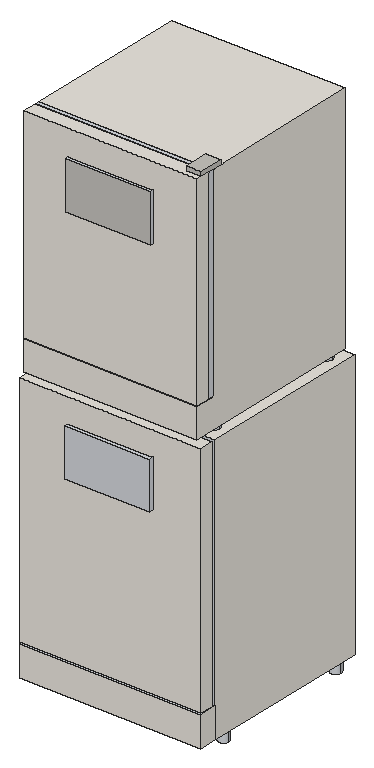
Revit family "NU-5800-5700 STACKED OPTION", category Mechanical Equipment, Revit 2018
Family settings
  Round Connector Dimension = Use Diameter
  Part Type = Normal
  OmniClass Number = 23.75.00.00
  OmniClass Title = Climate Control (HVAC)
  Work Plane-Based = No
  Always vertical = Yes
  Cut with Voids When Loaded = No
  Shared = No
  Room Calculation Point = No
Reference planes (in)
  plane 1 "Center (Front/Back)": y = 0
  plane 2: z = 0
  plane 3 "Center (Left/Right)": x = 0
Dimensions and locks (in)
  aligned and locked: level to plane 2
  aligned and locked: nested 1 to nested 2  (x2)
Nested families (in)
  nested 1: "NU-5700" at (0, -0.53125, 41.75), type "NU-5700"
  nested 2: "NU-5800 - Direct Heat Incubator" at (0, 0, 0), type "NU-5800"
Definition of nested family "NU-5700"
  Parameters (values of type "NU-5700")
    WIDTH = 2' - 1 5/8"
    HEIGHT = 2' - 11 9/16"
    DEPTH = 2' - 3 5/16"
    CONTROL PANEL WIDTH = 1' - 0 9/16"
  Reference planes (in)
    plane 1 "Center (Front/Back)": y = 0
    plane 2: z = 0
    plane 3 "Center (Left/Right)": x = 0
    plane 4: x = -12.8125
    plane 5: x = 12.8125
    plane 6: x = -6.28125
    plane 7: x = 6.28125
    plane 8: z = 5.5
    plane 9: z = 5.3125
    plane 10: z = 1
    plane 11: z = 31.75
    plane 12: z = 35.5625
    plane 13: z = 24.6875
    plane 14: z = 36.1875
    plane 15: x = 10.625
    plane 16: y = 13.65625
    plane 17: y = -13.65625
    plane 18: y = -11.53125
    plane 19: y = -10.84375
    plane 20: y = -14.15625
    plane 21: y = -12.90625
    plane 22: y = 12.21875
    plane 23: x = -11.3125
    plane 24: x = 11.3125
    plane 25: y = -9.34375
    plane 26: y = -8.65625
    plane 27: x = -10.5125
    plane 28: x = 10.5125
  Forms (in)
    Extrusion 1, solid
      sketch origin (0, 0, 0) x (1, 0, 0) y (0, 0, 1)
        loop
          line (-6.28125, 31.75) -> (-6.28125, 24.6875) -> (6.28125, 24.6875) -> (6.28125, 31.75) -> (-6.28125, 31.75)
      from 13.65625 to 14.15625
    Extrusion 2, solid
      sketch origin (0, 0, 0) x (1, 0, 0) y (0, 0, 1)
        loop
          line (-12.8125, 35.5625) -> (-12.8125, 5.5) -> (12.8125, 5.5) -> (12.8125, 35.5625) -> (-12.8125, 35.5625)
      from 10.84375 to 11.53125
    Extrusion 3, solid
      sketch origin (-25.125, 0, -0.32839) x (1, 0, 0) y (0, 0, 1)
        loop
          line (12.3125, 35.89089) -> (12.3125, 5.82839) -> (37.9375, 5.82839) -> (37.9375, 35.89089) -> (12.3125, 35.89089)
      from 11.53125 to 13.65625
    Extrusion 4, solid
      sketch origin (0, 0, 0) x (0, 1, 0) y (0, 0, 1)
        loop
          line (-13.65625, 5.3125) -> (-13.65625, 1) -> (13.65625, 1) -> (13.65625, 35.5625) -> (-10.84375, 35.5625) -> (-10.84375, 5.3125) -> (-13.65625, 5.3125)
      from -12.8125 to 12.8125
    Extrusion 5, solid
      sketch origin (0, 0, 0) x (1, 0, 0) y (0, 0, 1)
        loop
          line (10.625, 36.1875) -> (10.625, 35.5625) -> (12.8125, 35.5625) -> (12.8125, 36.1875) -> (10.625, 36.1875)
      from 9.34375 to 12.90625
    Revolve 6, solid
      sketch origin (0, 12.21875, 99.09537) x (0, 0, 1) y (-1, 0, 0)
        loop
          line (-99.09537, -11.3125) -> (-98.09537, -11.3125) -> (-98.09537, -10.5125) -> (-99.09537, -10.5125) -> (-99.09537, -11.3125)
        axis (-98.09537, -11.3125) -> (-99.09537, -11.3125)
      angle from 0 to 360
    Revolve 7, solid
      sketch origin (0, 12.21875, 99.09537) x (0, 0, 1) y (-1, 0, 0)
        loop
          line (-99.09537, 11.3125) -> (-99.09537, 10.5125) -> (-98.09537, 10.5125) -> (-98.09537, 11.3125) -> (-99.09537, 11.3125)
        axis (-98.09537, 11.3125) -> (-99.09537, 11.3125)
      angle from 0 to 360
    Revolve 8, solid
      sketch origin (0, -8.65625, 0.59106) x (0, 0, -1) y (-1, 0, 0)
        loop
          line (0.59106, 10.5125) -> (0.59106, 11.3125) -> (-0.40894, 11.3125) -> (-0.40894, 10.5125) -> (0.59106, 10.5125)
        axis (-0.40894, 11.3125) -> (0.59106, 11.3125)
      angle from 0 to 360
    Revolve 9, solid
      sketch origin (0, -8.65625, 0.59106) x (0, 0, -1) y (-1, 0, 0)
        loop
          line (-0.40894, -10.5125) -> (-0.40894, -11.3125) -> (0.59106, -11.3125) -> (0.59106, -10.5125) -> (-0.40894, -10.5125)
        axis (0.59106, -11.3125) -> (-0.40894, -11.3125)
      angle from 0 to 360
  Dimensions and locks (in)
    equal spacing: plane 5, plane 3 "Center (Left/Right)", plane 4
    "WIDTH": plane 5 to plane 4
    equal spacing: plane 7, plane 3 "Center (Left/Right)", plane 6
    "CONTROL PANEL WIDTH": plane 7 to plane 6
    locked: plane 14 to plane 12 at 0.625
    locked: plane 15 to plane 5 at 2.1875
    equal spacing: plane 16, plane 1 "Center (Front/Back)", plane 17
    "DEPTH": plane 16 to plane 17
    plane 4 to plane 23 = 0' - 1 1/2"
    locked: plane 5 to plane 24 at 1.5
    locked: plane 17 to plane 26 at 5
    locked: plane 21 to plane 17 at 0.75
    locked: plane 18 to plane 17 at 2.125
    locked: plane 19 to plane 18 at 0.6875
    locked: plane 21 to plane 25 at 3.5625
    locked: plane 16 to plane 22 at 1.4375
    locked: plane 27 to plane 23 at 0.8
    locked: plane 24 to plane 28 at 0.8
    locked: plane 10 to plane 2 at 1
    "HEIGHT": plane 12 to level
    Extrusion 5 to plane 11 to plane 13 = 0' - 3 13/16" locked, 0' - 7 1/16" locked
    locked: plane 8 to plane 9 at 0.1875
    locked: plane 10 to plane 9 at 4.3125
    locked: plane 20 to Extrusion 4 at 0.5
    equal spacing: plane 17, plane 1 "Center (Front/Back)", plane 16
    aligned and locked: level to plane 2
    aligned and locked: plane 11 to Extrusion 1 sketch curve
    aligned and locked: Extrusion 1 sketch curve to plane 6
    aligned and locked: Extrusion 1 sketch curve to plane 13
    aligned and locked: Extrusion 1 sketch curve to plane 7
    aligned and locked: Extrusion 1 to plane 17
    aligned and locked: plane 20 to Extrusion 1
    aligned and locked: Extrusion 3 sketch curve to plane 5
    aligned and locked: plane 17 to Extrusion 4 sketch curve
    aligned and locked: plane 10 to Extrusion 4 sketch curve
    aligned and locked: Extrusion 4 sketch curve to plane 16
    aligned and locked: plane 12 to Extrusion 4 sketch curve
    aligned and locked: Extrusion 4 sketch curve to Extrusion 2
    aligned and locked: Extrusion 5 sketch curve to plane 14
    aligned and locked: plane 15 to Extrusion 5 sketch curve
    aligned and locked: Extrusion 5 sketch curve to Extrusion 2
    aligned and locked: plane 21 to Extrusion 5
    aligned and locked: plane 25 to Extrusion 5
    aligned and locked: plane 10 to Revolve 6 sketch curve  (x2)
    aligned and locked: plane 24 to Revolve 6 sketch curve
    aligned and locked: level to Revolve 6 sketch curve
    aligned and locked: Revolve 6 sketch curve to Revolve 6 sketch curve
    aligned and locked: Revolve 6 sketch curve to plane 28
    aligned and locked: Revolve 7 sketch curve to level
    aligned and locked: plane 23 to Revolve 7 sketch curve
    aligned and locked: Revolve 7 sketch curve to plane 10
    aligned and locked: Revolve 7 sketch curve to plane 27
    aligned and locked: Revolve 7 sketch curve to Revolve 7 sketch curve  (x2)
    aligned and locked: Revolve 8 sketch curve to Revolve 7
    aligned and locked: plane 27 to Revolve 8 sketch curve
    aligned and locked: Revolve 7 to Revolve 8 sketch curve
    aligned and locked: Revolve 8 sketch curve to plane 23
    aligned and locked: Revolve 8 sketch curve to Revolve 8 sketch curve  (x2)
    aligned and locked: Revolve 9 sketch curve to Revolve 6  (x2)
    aligned and locked: Revolve 6 to Revolve 9 sketch curve
    aligned and locked: plane 24 to Revolve 9 sketch curve
    aligned and locked: Revolve 9 sketch curve to Revolve 9 sketch curve  (x2)
    aligned and locked: plane 9 to Extrusion 4
    aligned and locked: plane 8 to Extrusion 3
    aligned and locked: plane 8 to Extrusion 2
    aligned and locked: Extrusion 3 to plane 4
    aligned and locked: plane 12 to Extrusion 3
    aligned and locked: Extrusion 3 to plane 18
    aligned and locked: plane 17 to Extrusion 3
    aligned and locked: plane 18 to Extrusion 2
    aligned and locked: Extrusion 2 to plane 19
    aligned and locked: plane 12 to Extrusion 2
    aligned and locked: plane 5 to Extrusion 5
  Automatic sketch dimensions
    Extrusion 2 sketch curve to plane 10 = 0' - 4 1/2"
    Extrusion 2 sketch curve to plane 4 = 0' - 0"
    Extrusion 2 sketch curve to plane 5 = 0' - 0"
    plane 12 to Extrusion 2 sketch curve = 0' - 0"
    Extrusion 3 sketch curve to plane 4 = 0' - 0"
    plane 12 to Extrusion 3 sketch curve = 0' - 0"
    Revolve 6 sketch curve to level = 0' - 0"
    Revolve 7 sketch curve to level = 0' - 0"
    Revolve 8 sketch curve to level = 0' - 0"
    Revolve 9 sketch curve to plane 10 = 0' - 0"
    Extrusion 5 sketch curve to plane 5 = 0' - 0"
    Extrusion 4 sketch curve to plane 9 = 0' - 0"
    plane 9 to Extrusion 3 sketch curve = 0' - 0 3/16"
Definition of nested family "NU-5800 - Direct Heat Incubator"
  Parameters (values of type "NU-5800")
    Width = 2' - 2 3/4"
    Model = "NU-5800"
    Manufacturer = "Nuaire Inc."
    Height = 3' - 3 3/4"
    Foot = 0' - 0 3/4"
    Depth = 2' - 4 3/8"
  Reference planes (in)
    plane 1 "Center (Front/Back)": y = 0
    plane 2: z = 0
    plane 3 "Center (Left/Right)": x = 0
    plane 4: z = 2
    plane 5: z = 41.75
    plane 6: y = -14.8125
  Forms (in)
    Extrusion 1, solid
      sketch origin (0, 0, 0) x (1, 0, 0) y (0, 1, 0)
        loop
          line (-13.375, 14.1875) -> (-13.375, -14.1875) -> (13.375, -14.1875) -> (13.375, 14.1875) -> (-13.375, 14.1875)
      from 2 to 41.75
    Extrusion 2, solid
      sketch origin (0, 0, 0) x (1, 0, 0) y (0, 1, 0)
        loop
          circle (-11.9375, 12.5625) r 0.75
        loop
          circle (11.9375, 12.55648) r 0.75
        loop
          circle (11.9375, -8.1875) r 0.75
        loop
          circle (-11.9375, -8.1875) r 0.75
      from 0 to 2
    Extrusion 3, void
      sketch origin (0, 0, 0) x (1, 0, 0) y (0, 1, 0)
        loop
          line (-13.375, -11.5625) -> (-13.375, -12.1875) -> (13.375, -12.1875) -> (13.375, -11.5625) -> (-13.375, -11.5625)
      from 2 to 41.75
    Extrusion 4, void
      sketch origin (0, 0, 0) x (1, 0, 0) y (0, 0, 1)
        loop
          line (-13.375, 2) -> (13.375, 2) -> (13.375, 6.6875) -> (-13.375, 6.6875) -> (-13.375, 2)
      from 11.5625 to 14.1875
    Extrusion 5, solid
      sketch origin (0, 0, 0) x (1, 0, 0) y (0, 0, 1)
        loop
          line (-13.375, 2) -> (13.375, 2) -> (13.375, 6.5) -> (-13.375, 6.5) -> (-13.375, 2)
      from 11.5625 to 14.1875
    Extrusion 6, solid
      sketch origin (0, 0, 0) x (1, 0, 0) y (0, 0, 1)
        loop
          line (-12.75, 41.125) -> (-12.75, 7.3125) -> (12.75, 7.3125) -> (12.75, 41.125) -> (-12.75, 41.125)
      from 11.5625 to 12.1875
    Extrusion 7, solid
      sketch origin (0, 0, 0) x (1, 0, 0) y (0, 0, 1)
        loop
          line (-6.25, 38.078) -> (-6.25, 31.078) -> (6.25, 31.078) -> (6.25, 38.078) -> (-6.25, 38.078)
      from 14.1875 to 14.8125
  Cuts and joins
    Extrusion 3, Extrusion 4 cuts Extrusion 1
    Extrusion 4 cuts Extrusion 2
  Lines and regions (in)
    model lines
      curve 1: line (13.375, -9.1875, 41.75) -> (13.375, -9.1875, 2)
      curve 2: line (-13.375, -9.1875, 41.75) -> (-13.375, -9.1875, 2)
      curve 3: line (13.375, -9.1875, 41.75) -> (-13.375, -9.1875, 41.75)
      curve 4: line (-10.875, -9.1875, 41.75) -> (-10.875, 14.1875, 41.75)
      curve 5: line (10.875, -9.1875, 41.75) -> (10.875, 14.1875, 41.75)
      curve 6: line (13.375, -8.47207, 40.79351) -> (13.375, 10.77793, 40.79351)
      curve 7: line (13.375, -8.47207, 39.04351) -> (13.375, -8.47207, 40.79351)
      curve 8: line (13.375, 10.77793, 39.04351) -> (13.375, -8.47207, 39.04351)
      curve 9: line (13.375, 10.77793, 40.79351) -> (13.375, 10.77793, 39.04351)
      curve 10: line (13.375, -8.47207, 38.11061) -> (13.375, 10.77793, 38.11061)
      curve 11: line (13.375, -8.47207, 36.46295) -> (13.375, -8.47207, 38.11061)
      curve 12: line (13.375, 10.77793, 36.46295) -> (13.375, -8.47207, 36.46295)
      curve 13: line (13.375, 10.77793, 38.11061) -> (13.375, 10.77793, 36.46295)
      curve 14: line (13.375, -9.4004, 40.79351) -> (13.375, -11.1504, 40.79351)
      curve 15: line (13.375, -9.4004, 39.66094) -> (13.375, -9.4004, 40.79351)
      curve 16: line (13.375, -11.1504, 39.66094) -> (13.375, -9.4004, 39.66094)
      curve 17: line (13.375, -11.1504, 40.79351) -> (13.375, -11.1504, 39.66094)
  Dimensions and locks (in)
    locked: plane 4 to plane 2 at 2
    equal spacing: Extrusion 1 sketch curve, plane 1 "Center (Front/Back)", Extrusion 1 sketch curve
    equal spacing: Extrusion 1 sketch curve, plane 3 "Center (Left/Right)", Extrusion 1 sketch curve
    "Depth": Extrusion 1 sketch curve to Extrusion 1 sketch curve
    "Width": Extrusion 1 sketch curve to Extrusion 1 sketch curve
    "Height": plane 5 to plane 4
    plane 1 "Center (Front/Back)" to Extrusion 2 sketch curve = 1' - 0 9/16"
    Extrusion 2 sketch curve to plane 3 "Center (Left/Right)" = 0' - 11 15/16"  (x2)
    plane 3 "Center (Left/Right)" to Extrusion 2 sketch curve = 0' - 11 15/16"  (x2)
    plane 1 "Center (Front/Back)" to Extrusion 2 sketch curve = 1' - 0.55648"
    Extrusion 2 sketch curve to plane 1 "Center (Front/Back)" = 0' - 8 3/16"  (x2)
    locked: Extrusion 3 sketch curve to Extrusion 1 at 2
    locked: Extrusion 3 sketch curve to Extrusion 3 sketch curve at 0.625
    locked: Extrusion 4 sketch curve to cut or joined group of Extrusion 1, Extrusion 3, Extrusion 4 at 4.6875
    locked: Extrusion 5 sketch curve to cut or joined group of Extrusion 1, Extrusion 3, Extrusion 4 at 4.5
    locked: cut or joined group of Extrusion 1, Extrusion 3, Extrusion 4 to Extrusion 6 sketch curve at 0.625  (x2)
    locked: Extrusion 6 sketch curve to cut or joined group of Extrusion 1, Extrusion 3, Extrusion 4 at 0.625  (x2)
    locked: Extrusion 7 sketch curve to Extrusion 7 sketch curve at 7
    equal spacing: Extrusion 7 sketch curve, plane 3 "Center (Left/Right)", Extrusion 7 sketch curve
    locked: cut or joined group of Extrusion 1, Extrusion 3, Extrusion 4 to Extrusion 7 sketch curve at 3.672
    locked: Extrusion 7 sketch curve to Extrusion 7 sketch curve at 12.5
    locked: plane 6 to cut or joined group of Extrusion 1, Extrusion 3, Extrusion 4 at 0.625
    "Foot": radius of Extrusion 2 sketch curve  (x4)
    aligned and locked: level to plane 2
    aligned and locked: plane 5 to Extrusion 1
    aligned and locked: plane 4 to Extrusion 1
    aligned and locked: Extrusion 2 to plane 4
    aligned and locked: Extrusion 2 to level
    aligned and locked: Extrusion 3 sketch curve to Extrusion 1  (x2)
    aligned and locked: Extrusion 1 to Extrusion 3
    aligned and locked: plane 4 to Extrusion 3
    aligned and locked: Extrusion 4 sketch curve to cut or joined group of Extrusion 1, Extrusion 3, Extrusion 4
    aligned and locked: cut or joined group of Extrusion 1, Extrusion 3, Extrusion 4 to Extrusion 4 sketch curve
    aligned and locked: plane 4 to Extrusion 4 sketch curve
    aligned and locked: Extrusion 4 to cut or joined group of Extrusion 1, Extrusion 3, Extrusion 4
    aligned and locked: cut or joined group of Extrusion 1, Extrusion 3, Extrusion 4 to Extrusion 4
    aligned and locked: Extrusion 5 sketch curve to cut or joined group of Extrusion 1, Extrusion 3, Extrusion 4  (x2)
    aligned and locked: cut or joined group of Extrusion 1, Extrusion 3, Extrusion 4 to Extrusion 5 sketch curve
    aligned and locked: Extrusion 5 to cut or joined group of Extrusion 1, Extrusion 3, Extrusion 4
    aligned and locked: cut or joined group of Extrusion 1, Extrusion 3, Extrusion 4 to Extrusion 5
    aligned and locked: cut or joined group of Extrusion 1, Extrusion 3, Extrusion 4 to Extrusion 6  (x2)
    aligned and locked: Extrusion 7 to cut or joined group of Extrusion 1, Extrusion 3, Extrusion 4
    aligned and locked: curve 2 to curve 1
  Automatic sketch dimensions
    curve 2 to Extrusion 1 = 0' - 0"
    Extrusion 1 to curve 2 = 0' - 0"
    curve 3 to Extrusion 1 = 0' - 0"  (x2)
    curve 4 to Extrusion 1 = 0' - 0"
    curve 5 to Extrusion 1 = 0' - 0"
    curve 4 to Extrusion 1 = 0' - 2 1/2"
    curve 5 to Extrusion 1 = 0' - 2 1/2"
    curve 3 to Extrusion 1 = 0' - 5"
    Extrusion 1 to curve 1 = 0' - 0"
    curve 1 to Extrusion 1 = 0' - 0"
    Extrusion 1 to curve 9 = 0' - 3.40957"
    curve 13 to curve 8 = 0' - 0"
    Extrusion 1 to curve 8 = 0' - 2.70649"
    Extrusion 1 to curve 8 = 0' - 5.71543"
    curve 10 to curve 7 = 0' - 0"
    curve 6 to curve 1 = 0' - 0.71543"
    curve 7 to curve 16 = 0' - 0.92833"
    curve 15 to curve 16 = 0' - 1 3/4"
    Extrusion 1 to curve 17 = 0' - 0.95649"
    curve 14 to curve 6 = 0' - 0"
    curve 16 to curve 7 = 0' - 0.61743"
    curve 8 to curve 10 = 0' - 0.9329"
    curve 10 to curve 12 = 0' - 1.64766"
